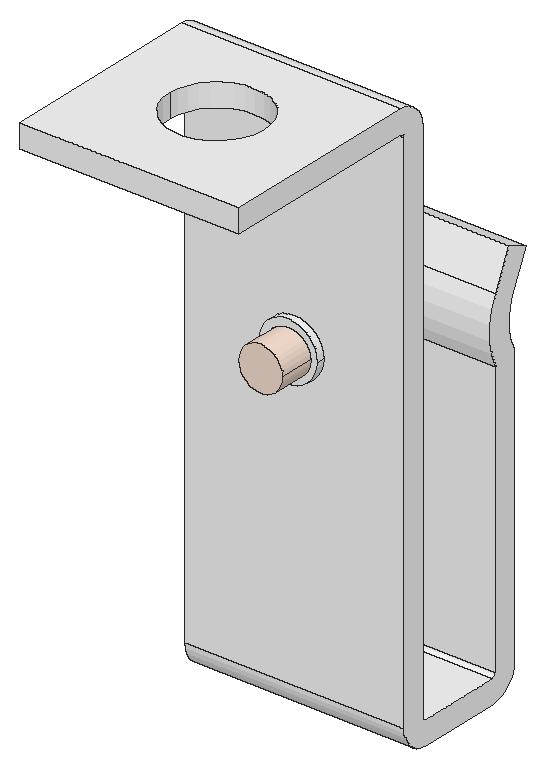
Revit family "rphanger3_c38", category 機械設備, Revit 2022
Family settings
  丸型コネクタ寸法 = 直径を使用
  種別 = なし
  パーツ タイプ = 標準
  作業面ベース = いいえ
  常に垂直 = はい
  ロード時にボイドで切り取り = いいえ
  注釈の向きを維持 = いいえ
  共有 = いいえ
  部屋計算ポイント = いいえ
Parameters
  製造元 = "株式会社桐井製作所"
  既定の高さ = 0 mm
  URL = "https://www.kirii.co.jp/"
  K_材質 = "SGHC一般用"
  K_品名 = "RPハンガー3分用(C-38)"
  K_名称 = "耐震ハンガー"
  K_入数 = "120"
  K_バージョン情報 = "20210714"
  K_めっき付着量 = "Z12"
  K_JIS規格 = "JIS G 3302"
Reference planes
  plane 1 "中心(正面/背面)": y = 0
  plane 2: z = 0
  plane 3 "中心(左/右)": x = 0
Forms (mm)
  Extrusion 1, solid
    sketch origin (-15, 0, -3.2) x (0, 1, 0) y (0, 0, 1)
      loop
        arc (-9.95, 76.8) -> (-9.596, 76.654) -> (-9.45, 76.301) r 0.5
        line (-9.45, 76.301) -> (-9.45, 3.7)
        arc (-9.45, 3.7) -> (-8.366, 1.084) -> (-5.75, 0) r 3.7
        line (-5.75, 0) -> (5.75, 0)
        arc (5.75, 0) -> (8.366, 1.084) -> (9.45, 3.7) r 3.7
        line (9.45, 3.7) -> (9.45, 41.2)
        arc (9.45, 41.2) -> (9.372, 41.904) -> (9.14, 42.574) r 3.2
        arc (9.14, 42.574) -> (8.438, 45.649) -> (9.097, 48.734) r 7.312
        line (9.097, 48.734) -> (11.412, 53.817) -> (8.501, 55.143) -> (6.25, 50.2)
        arc (6.25, 50.2) -> (5.238, 45.7) -> (6.25, 41.2) r 10.512
        line (6.25, 41.2) -> (6.25, 3.7)
        arc (6.25, 3.7) -> (6.104, 3.346) -> (5.747, 3.2) r 0.5
        line (5.747, 3.2) -> (-5.75, 3.2)
        arc (-5.75, 3.2) -> (-6.104, 3.346) -> (-6.25, 3.7) r 0.5
        line (-6.25, 3.7) -> (-6.25, 76.3)
        arc (-6.25, 76.3) -> (-7.334, 78.916) -> (-9.95, 80) r 3.7
        line (-9.95, 80) -> (-37.699, 80) -> (-37.699, 76.8) -> (-9.95, 76.8)
    from 0 to 30
  Extrusion 2, void
    sketch origin (0, 0, -3.2) x (1, 0, 0) y (0, 0, 1)
      loop
        arc (3.5, 46.695) -> (0, 50.2) -> (-3.5, 46.695) r 3.5
        line (-3.5, 46.695) -> (-3.5, 43.695)
        arc (-3.5, 43.695) -> (0, 40.2) -> (3.5, 43.695) r 3.5
        line (3.5, 43.695) -> (3.5, 46.695)
    from -9.82 to -5.117
  Extrusion 3, void
    sketch origin (0, -9.45, -3.2) x (0, 0, -1) y (1, 0, 0)
      loop
        circle (-45.2, 0) r 3
    from -6 to 3
  Extrusion 4, solid
    sketch origin (0, -9.45, -3.2) x (0, 0, -1) y (1, 0, 0)
      loop
        circle (-45.2, 0) r 3
      loop
        circle (-45.2, 0) r 4
    from 0 to 1
  Extrusion 5, void
    sketch origin (0, 0, 0) x (1, 0, 0) y (0, 1, 0)
      loop
        circle (0, -22.699) r 6.5
    from 73.6 to 76.8
Cuts and joins
  Extrusion 2, Extrusion 3, Extrusion 5 cuts Extrusion 1
  Extrusion 3 cuts Extrusion 4
  joined: Extrusion 1, Extrusion 4
Dimensions and locks
  aligned and locked: level to plane 2
Nested families
  nested 1: "M6×25ボルト" at (0, 9.82, 42.149) x (-1, 0, 0) z (0, 0, 1), type "M6×25ボルト"
Definition of nested family "M6×25ボルト"
  Parameters (values of type "M6×25ボルト")
    Manufacturer = "株式会社桐井製作所"
    Default Elevation = 0 mm
    URL = "https://www.kirii.co.jp/"
    K_材料規格 = "M6×L25"
    K_品名 = "M6×25ボルト"
    K_名称 = "ボルト"
  Reference planes
    plane 1 "中心(正面/背面)": y = 0
    plane 2: z = 0
    plane 3 "中心(左/右)": x = 0
    plane 4: x = 10
    plane 5: x = -10
    plane 6 "正面": y = -4
  Forms (mm)
    Extrusion 1, solid
      sketch origin (0, 0, 0) x (1, 0, 0) y (0, 0, 1)
        loop
          line (-4.763, -2.946) -> (0, -5.696) -> (4.763, -2.946) -> (4.763, 2.554) -> (0, 5.304) -> (-4.763, 2.554) -> (-4.763, -2.946)
      from 0 to 4
    Extrusion 2, void
      sketch origin (0, -4, 0) x (-1, 0, 0) y (0, 0, 1)
        loop
          circle (0, -0.156) r 4.396
      from 0 to 1
    Extrusion 3, void
      sketch origin (0, -4, 0) x (-1, 0, 0) y (0, 0, 1)
        loop
          arc (-0.6, 1.814) -> (-1.069, 0.856) -> (-2.036, 0.404) r 1.605
          line (-2.036, 0.404) -> (-2.939, 0.404)
          arc (-2.939, 0.404) -> (-3, -0.195) -> (-2.94, -0.795) r 3
          line (-2.94, -0.795) -> (-2.049, -0.795)
          arc (-2.049, -0.795) -> (-1.074, -1.243) -> (-0.6, -2.206) r 1.605
          line (-0.6, -2.206) -> (-0.6, -3.135)
          arc (-0.6, -3.135) -> (0, -3.196) -> (0.6, -3.135) r 3
          line (0.6, -3.135) -> (0.6, -2.206)
          arc (0.6, -2.206) -> (1.074, -1.243) -> (2.049, -0.795) r 1.605
          line (2.049, -0.795) -> (2.94, -0.795)
          arc (2.94, -0.795) -> (3, -0.198) -> (2.941, 0.398) r 3
          line (2.941, 0.398) -> (2.117, 0.398)
          arc (2.117, 0.398) -> (1.098, 0.828) -> (0.6, 1.814) r 1.605
          line (0.6, 1.814) -> (0.6, 2.743)
          arc (0.6, 2.743) -> (0, 2.804) -> (-0.6, 2.743) r 3
          line (-0.6, 2.743) -> (-0.6, 1.814)
      from 0 to 2
    Extrusion 4, solid
      sketch origin (0, 0, 0) x (1, 0, 0) y (0, 0, 1)
        loop
          circle (-0.011, -0.2) r 3
      from 0 to -25
  Cuts and joins
    Extrusion 2, Extrusion 3 cuts Extrusion 1
    joined: Extrusion 1, Extrusion 4
  Dimensions and locks
    aligned and locked: level to plane 2
